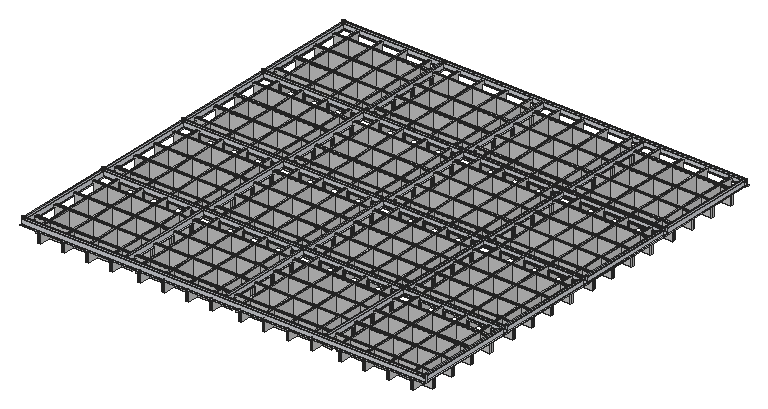
Revit family "GRD-WFL-001_RFA", category Modelos genéricos, Revit 2022 (continued)
Forms (in)
  Extrusion 180, solid
    sketch origin (48.02754, 154.90856, 0) x (1, 0, 0) y (0, 0, 1)
      loop
        line (0.35803, 1.68677) -> (0.39803, 1.68677)
        arc (0.39803, 1.68677) -> (0.41512, 1.67969) -> (0.42221, 1.66259) r 0.02418
      loop
        arc (0.33294, 1.7291) -> (0.34005, 1.71194) -> (0.35722, 1.70483) r 0.02428
        line (0.35722, 1.70483) -> (0.39815, 1.70483)
        arc (0.39815, 1.70483) -> (0.42797, 1.69248) -> (0.44023, 1.66266) r 0.04217
        arc (0.44023, 1.66266) -> (0.45258, 1.69248) -> (0.4824, 1.70483) r 0.04217
        line (0.4824, 1.70483) -> (0.52333, 1.70483)
        arc (0.52333, 1.70483) -> (0.54049, 1.71194) -> (0.54761, 1.7291) r 0.02428
        line (0.54761, 1.7291) -> (0.54761, 2.15016) -> (0.45704, 2.24072)
        arc (0.45704, 2.24072) -> (0.44027, 2.24767) -> (0.42351, 2.24072) r 0.02371
        line (0.42351, 2.24072) -> (0.33294, 2.15016) -> (0.33294, 1.7291)
    from 58.90819 to 81.97135
  Extrusion 181, solid
    sketch origin (72.02767, 154.90856, 0) x (1, 0, 0) y (0, 0, 1)
      loop
        line (0.42221, 1.66259) -> (0.42231, 0.67354)
        arc (0.42231, 0.67354) -> (0.41009, 0.64403) -> (0.38057, 0.6318) r 0.04174
        line (0.38057, 0.6318) -> (-0.00639, 0.6318) -> (-0.00639, 0.59057) -> (0.8874, 0.59057) -> (0.8874, 0.6318) -> (0.49998, 0.6318)
        arc (0.49998, 0.6318) -> (0.47046, 0.64403) -> (0.45824, 0.67354) r 0.04174
        line (0.45824, 0.67354) -> (0.45834, 1.66259)
        arc (0.45834, 1.66259) -> (0.46543, 1.67969) -> (0.48252, 1.68677) r 0.02418
        line (0.48252, 1.68677) -> (0.52252, 1.68677)
        arc (0.52252, 1.68677) -> (0.55303, 1.69941) -> (0.56566, 1.72991) r 0.04314
        line (0.56566, 1.72991) -> (0.56566, 2.14095)
        arc (0.56566, 2.14095) -> (0.5626, 2.15637) -> (0.55386, 2.16944) r 0.04029
        line (0.55386, 2.16944) -> (0.47053, 2.25277)
        arc (0.47053, 2.25277) -> (0.44027, 2.2653) -> (0.41002, 2.25277) r 0.04279
        line (0.41002, 2.25277) -> (0.32669, 2.16944)
        arc (0.32669, 2.16944) -> (0.31795, 2.15637) -> (0.31489, 2.14095) r 0.04029
        line (0.31489, 2.14095) -> (0.31489, 1.72991)
        arc (0.31489, 1.72991) -> (0.32752, 1.69941) -> (0.35803, 1.68677) r 0.04314
        line (0.35803, 1.68677) -> (0.39803, 1.68677)
        arc (0.39803, 1.68677) -> (0.41512, 1.67969) -> (0.42221, 1.66259) r 0.02418
      loop
        arc (0.33294, 1.7291) -> (0.34005, 1.71194) -> (0.35722, 1.70483) r 0.02428
        line (0.35722, 1.70483) -> (0.39815, 1.70483)
        arc (0.39815, 1.70483) -> (0.42797, 1.69248) -> (0.44023, 1.66266) r 0.04217
        arc (0.44023, 1.66266) -> (0.45258, 1.69248) -> (0.4824, 1.70483) r 0.04217
        line (0.4824, 1.70483) -> (0.52333, 1.70483)
        arc (0.52333, 1.70483) -> (0.54049, 1.71194) -> (0.54761, 1.7291) r 0.02428
        line (0.54761, 1.7291) -> (0.54761, 2.15016) -> (0.45704, 2.24072)
        arc (0.45704, 2.24072) -> (0.44027, 2.24767) -> (0.42351, 2.24072) r 0.02371
        line (0.42351, 2.24072) -> (0.33294, 2.15016) -> (0.33294, 1.7291)
    from 58.90819 to 81.97135
  Extrusion 182, solid
    sketch origin (96.02767, 154.90856, 0) x (1, 0, 0) y (0, 0, 1)
      loop
        line (0.42221, 1.66259) -> (0.42231, 0.67354)
        arc (0.42231, 0.67354) -> (0.41009, 0.64403) -> (0.38057, 0.6318) r 0.04174
        line (0.38057, 0.6318) -> (-0.00639, 0.6318) -> (-0.00639, 0.59057) -> (0.8874, 0.59057) -> (0.8874, 0.6318) -> (0.49998, 0.6318)
        arc (0.49998, 0.6318) -> (0.47046, 0.64403) -> (0.45824, 0.67354) r 0.04174
        line (0.45824, 0.67354) -> (0.45834, 1.66259)
        arc (0.45834, 1.66259) -> (0.46543, 1.67969) -> (0.48252, 1.68677) r 0.02418
        line (0.48252, 1.68677) -> (0.52252, 1.68677)
        arc (0.52252, 1.68677) -> (0.55303, 1.69941) -> (0.56566, 1.72991) r 0.04314
        line (0.56566, 1.72991) -> (0.56566, 2.14095)
        arc (0.56566, 2.14095) -> (0.5626, 2.15637) -> (0.55386, 2.16944) r 0.04029
        line (0.55386, 2.16944) -> (0.47053, 2.25277)
        arc (0.47053, 2.25277) -> (0.44027, 2.2653) -> (0.41002, 2.25277) r 0.04279
        line (0.41002, 2.25277) -> (0.32669, 2.16944)
        arc (0.32669, 2.16944) -> (0.31795, 2.15637) -> (0.31489, 2.14095) r 0.04029
        line (0.31489, 2.14095) -> (0.31489, 1.72991)
        arc (0.31489, 1.72991) -> (0.32752, 1.69941) -> (0.35803, 1.68677) r 0.04314
        line (0.35803, 1.68677) -> (0.39803, 1.68677)
        arc (0.39803, 1.68677) -> (0.41512, 1.67969) -> (0.42221, 1.66259) r 0.02418
      loop
        arc (0.33294, 1.7291) -> (0.34005, 1.71194) -> (0.35722, 1.70483) r 0.02428
        line (0.35722, 1.70483) -> (0.39815, 1.70483)
        arc (0.39815, 1.70483) -> (0.42797, 1.69248) -> (0.44023, 1.66266) r 0.04217
        arc (0.44023, 1.66266) -> (0.45258, 1.69248) -> (0.4824, 1.70483) r 0.04217
        line (0.4824, 1.70483) -> (0.52333, 1.70483)
        arc (0.52333, 1.70483) -> (0.54049, 1.71194) -> (0.54761, 1.7291) r 0.02428
        line (0.54761, 1.7291) -> (0.54761, 2.15016) -> (0.45704, 2.24072)
        arc (0.45704, 2.24072) -> (0.44027, 2.24767) -> (0.42351, 2.24072) r 0.02371
        line (0.42351, 2.24072) -> (0.33294, 2.15016) -> (0.33294, 1.7291)
    from 58.90819 to 81.97135
  Extrusion 183, solid
    sketch origin (24.02767, 154.90856, 0) x (1, 0, 0) y (0, 0, 1)
      loop
        line (0.42221, 1.66259) -> (0.42231, 0.67354)
        arc (0.42231, 0.67354) -> (0.41009, 0.64403) -> (0.38057, 0.6318) r 0.04174
        line (0.38057, 0.6318) -> (-0.00639, 0.6318) -> (-0.00639, 0.59057) -> (0.8874, 0.59057) -> (0.8874, 0.6318) -> (0.49998, 0.6318)
        arc (0.49998, 0.6318) -> (0.47046, 0.64403) -> (0.45824, 0.67354) r 0.04174
        line (0.45824, 0.67354) -> (0.45834, 1.66259)
        arc (0.45834, 1.66259) -> (0.46543, 1.67969) -> (0.48252, 1.68677) r 0.02418
        line (0.48252, 1.68677) -> (0.52252, 1.68677)
        arc (0.52252, 1.68677) -> (0.55303, 1.69941) -> (0.56566, 1.72991) r 0.04314
        line (0.56566, 1.72991) -> (0.56566, 2.14095)
        arc (0.56566, 2.14095) -> (0.5626, 2.15637) -> (0.55386, 2.16944) r 0.04029
        line (0.55386, 2.16944) -> (0.47053, 2.25277)
        arc (0.47053, 2.25277) -> (0.44027, 2.2653) -> (0.41002, 2.25277) r 0.04279
        line (0.41002, 2.25277) -> (0.32669, 2.16944)
        arc (0.32669, 2.16944) -> (0.31795, 2.15637) -> (0.31489, 2.14095) r 0.04029
        line (0.31489, 2.14095) -> (0.31489, 1.72991)
        arc (0.31489, 1.72991) -> (0.32752, 1.69941) -> (0.35803, 1.68677) r 0.04314
        line (0.35803, 1.68677) -> (0.39803, 1.68677)
        arc (0.39803, 1.68677) -> (0.41512, 1.67969) -> (0.42221, 1.66259) r 0.02418
      loop
        arc (0.33294, 1.7291) -> (0.34005, 1.71194) -> (0.35722, 1.70483) r 0.02428
        line (0.35722, 1.70483) -> (0.39815, 1.70483)
        arc (0.39815, 1.70483) -> (0.42797, 1.69248) -> (0.44023, 1.66266) r 0.04217
        arc (0.44023, 1.66266) -> (0.45258, 1.69248) -> (0.4824, 1.70483) r 0.04217
        line (0.4824, 1.70483) -> (0.52333, 1.70483)
        arc (0.52333, 1.70483) -> (0.54049, 1.71194) -> (0.54761, 1.7291) r 0.02428
        line (0.54761, 1.7291) -> (0.54761, 2.15016) -> (0.45704, 2.24072)
        arc (0.45704, 2.24072) -> (0.44027, 2.24767) -> (0.42351, 2.24072) r 0.02371
        line (0.42351, 2.24072) -> (0.33294, 2.15016) -> (0.33294, 1.7291)
    from 58.90819 to 81.97135
  Extrusion 184, solid
    sketch origin (0.02767, 154.90856, 0) x (1, 0, 0) y (0, 0, 1)
      loop
        line (0.42221, 1.66259) -> (0.42231, 0.67354)
        arc (0.42231, 0.67354) -> (0.41009, 0.64403) -> (0.38057, 0.6318) r 0.04174
        line (0.38057, 0.6318) -> (-0.00639, 0.6318) -> (-0.00639, 0.59057) -> (0.8874, 0.59057) -> (0.8874, 0.6318) -> (0.49998, 0.6318)
        arc (0.49998, 0.6318) -> (0.47046, 0.64403) -> (0.45824, 0.67354) r 0.04174
        line (0.45824, 0.67354) -> (0.45834, 1.66259)
        arc (0.45834, 1.66259) -> (0.46543, 1.67969) -> (0.48252, 1.68677) r 0.02418
        line (0.48252, 1.68677) -> (0.52252, 1.68677)
        arc (0.52252, 1.68677) -> (0.55303, 1.69941) -> (0.56566, 1.72991) r 0.04314
        line (0.56566, 1.72991) -> (0.56566, 2.14095)
        arc (0.56566, 2.14095) -> (0.5626, 2.15637) -> (0.55386, 2.16944) r 0.04029
        line (0.55386, 2.16944) -> (0.47053, 2.25277)
        arc (0.47053, 2.25277) -> (0.44027, 2.2653) -> (0.41002, 2.25277) r 0.04279
        line (0.41002, 2.25277) -> (0.32669, 2.16944)
        arc (0.32669, 2.16944) -> (0.31795, 2.15637) -> (0.31489, 2.14095) r 0.04029
        line (0.31489, 2.14095) -> (0.31489, 1.72991)
        arc (0.31489, 1.72991) -> (0.32752, 1.69941) -> (0.35803, 1.68677) r 0.04314
        line (0.35803, 1.68677) -> (0.39803, 1.68677)
        arc (0.39803, 1.68677) -> (0.41512, 1.67969) -> (0.42221, 1.66259) r 0.02418
      loop
        arc (0.33294, 1.7291) -> (0.34005, 1.71194) -> (0.35722, 1.70483) r 0.02428
        line (0.35722, 1.70483) -> (0.39815, 1.70483)
        arc (0.39815, 1.70483) -> (0.42797, 1.69248) -> (0.44023, 1.66266) r 0.04217
        arc (0.44023, 1.66266) -> (0.45258, 1.69248) -> (0.4824, 1.70483) r 0.04217
        line (0.4824, 1.70483) -> (0.52333, 1.70483)
        arc (0.52333, 1.70483) -> (0.54049, 1.71194) -> (0.54761, 1.7291) r 0.02428
        line (0.54761, 1.7291) -> (0.54761, 2.15016) -> (0.45704, 2.24072)
        arc (0.45704, 2.24072) -> (0.44027, 2.24767) -> (0.42351, 2.24072) r 0.02371
        line (0.42351, 2.24072) -> (0.33294, 2.15016) -> (0.33294, 1.7291)
    from 58.90819 to 81.97135
  Extrusion 185, solid
    sketch origin (48.02754, 130.90855, 0) x (1, 0, 0) y (0, 0, 1)
      loop
        line (0.42221, 1.66259) -> (0.42231, 0.67354)
        arc (0.42231, 0.67354) -> (0.41009, 0.64403) -> (0.38057, 0.6318) r 0.04174
        line (0.38057, 0.6318) -> (-0.00639, 0.6318) -> (-0.00639, 0.59057) -> (0.8874, 0.59057) -> (0.8874, 0.6318) -> (0.49998, 0.6318)
        arc (0.49998, 0.6318) -> (0.47046, 0.64403) -> (0.45824, 0.67354) r 0.04174
        line (0.45824, 0.67354) -> (0.45834, 1.66259)
        arc (0.45834, 1.66259) -> (0.46543, 1.67969) -> (0.48252, 1.68677) r 0.02418
        line (0.48252, 1.68677) -> (0.52252, 1.68677)
        arc (0.52252, 1.68677) -> (0.55303, 1.69941) -> (0.56566, 1.72991) r 0.04314
        line (0.56566, 1.72991) -> (0.56566, 2.14095)
        arc (0.56566, 2.14095) -> (0.5626, 2.15637) -> (0.55386, 2.16944) r 0.04029
        line (0.55386, 2.16944) -> (0.47053, 2.25277)
        arc (0.47053, 2.25277) -> (0.44027, 2.2653) -> (0.41002, 2.25277) r 0.04279
        line (0.41002, 2.25277) -> (0.32669, 2.16944)
        arc (0.32669, 2.16944) -> (0.31795, 2.15637) -> (0.31489, 2.14095) r 0.04029
        line (0.31489, 2.14095) -> (0.31489, 1.72991)
        arc (0.31489, 1.72991) -> (0.32752, 1.69941) -> (0.35803, 1.68677) r 0.04314
        line (0.35803, 1.68677) -> (0.39803, 1.68677)
        arc (0.39803, 1.68677) -> (0.41512, 1.67969) -> (0.42221, 1.66259) r 0.02418
      loop
        arc (0.33294, 1.7291) -> (0.34005, 1.71194) -> (0.35722, 1.70483) r 0.02428
        line (0.35722, 1.70483) -> (0.39815, 1.70483)
        arc (0.39815, 1.70483) -> (0.42797, 1.69248) -> (0.44023, 1.66266) r 0.04217
        arc (0.44023, 1.66266) -> (0.45258, 1.69248) -> (0.4824, 1.70483) r 0.04217
        line (0.4824, 1.70483) -> (0.52333, 1.70483)
        arc (0.52333, 1.70483) -> (0.54049, 1.71194) -> (0.54761, 1.7291) r 0.02428
        line (0.54761, 1.7291) -> (0.54761, 2.15016) -> (0.45704, 2.24072)
        arc (0.45704, 2.24072) -> (0.44027, 2.24767) -> (0.42351, 2.24072) r 0.02371
        line (0.42351, 2.24072) -> (0.33294, 2.15016) -> (0.33294, 1.7291)
    from 58.90819 to 81.97135
  Extrusion 186, solid
    sketch origin (72.02767, 130.90855, 0) x (1, 0, 0) y (0, 0, 1)
      loop
        line (0.42221, 1.66259) -> (0.42231, 0.67354)
        arc (0.42231, 0.67354) -> (0.41009, 0.64403) -> (0.38057, 0.6318) r 0.04174
        line (0.38057, 0.6318) -> (-0.00639, 0.6318) -> (-0.00639, 0.59057) -> (0.8874, 0.59057) -> (0.8874, 0.6318) -> (0.49998, 0.6318)
        arc (0.49998, 0.6318) -> (0.47046, 0.64403) -> (0.45824, 0.67354) r 0.04174
        line (0.45824, 0.67354) -> (0.45834, 1.66259)
        arc (0.45834, 1.66259) -> (0.46543, 1.67969) -> (0.48252, 1.68677) r 0.02418
        line (0.48252, 1.68677) -> (0.52252, 1.68677)
        arc (0.52252, 1.68677) -> (0.55303, 1.69941) -> (0.56566, 1.72991) r 0.04314
        line (0.56566, 1.72991) -> (0.56566, 2.14095)
        arc (0.56566, 2.14095) -> (0.5626, 2.15637) -> (0.55386, 2.16944) r 0.04029
        line (0.55386, 2.16944) -> (0.47053, 2.25277)
        arc (0.47053, 2.25277) -> (0.44027, 2.2653) -> (0.41002, 2.25277) r 0.04279
        line (0.41002, 2.25277) -> (0.32669, 2.16944)
        arc (0.32669, 2.16944) -> (0.31795, 2.15637) -> (0.31489, 2.14095) r 0.04029
        line (0.31489, 2.14095) -> (0.31489, 1.72991)
        arc (0.31489, 1.72991) -> (0.32752, 1.69941) -> (0.35803, 1.68677) r 0.04314
        line (0.35803, 1.68677) -> (0.39803, 1.68677)
        arc (0.39803, 1.68677) -> (0.41512, 1.67969) -> (0.42221, 1.66259) r 0.02418
      loop
        arc (0.33294, 1.7291) -> (0.34005, 1.71194) -> (0.35722, 1.70483) r 0.02428
        line (0.35722, 1.70483) -> (0.39815, 1.70483)
        arc (0.39815, 1.70483) -> (0.42797, 1.69248) -> (0.44023, 1.66266) r 0.04217
        arc (0.44023, 1.66266) -> (0.45258, 1.69248) -> (0.4824, 1.70483) r 0.04217
        line (0.4824, 1.70483) -> (0.52333, 1.70483)
        arc (0.52333, 1.70483) -> (0.54049, 1.71194) -> (0.54761, 1.7291) r 0.02428
        line (0.54761, 1.7291) -> (0.54761, 2.15016) -> (0.45704, 2.24072)
        arc (0.45704, 2.24072) -> (0.44027, 2.24767) -> (0.42351, 2.24072) r 0.02371
        line (0.42351, 2.24072) -> (0.33294, 2.15016) -> (0.33294, 1.7291)
    from 58.90819 to 81.97135
  Extrusion 187, solid
    sketch origin (96.02767, 130.90855, 0) x (1, 0, 0) y (0, 0, 1)
      loop
        line (0.42221, 1.66259) -> (0.42231, 0.67354)
        arc (0.42231, 0.67354) -> (0.41009, 0.64403) -> (0.38057, 0.6318) r 0.04174
        line (0.38057, 0.6318) -> (-0.00639, 0.6318) -> (-0.00639, 0.59057) -> (0.8874, 0.59057) -> (0.8874, 0.6318) -> (0.49998, 0.6318)
        arc (0.49998, 0.6318) -> (0.47046, 0.64403) -> (0.45824, 0.67354) r 0.04174
        line (0.45824, 0.67354) -> (0.45834, 1.66259)
        arc (0.45834, 1.66259) -> (0.46543, 1.67969) -> (0.48252, 1.68677) r 0.02418
        line (0.48252, 1.68677) -> (0.52252, 1.68677)
        arc (0.52252, 1.68677) -> (0.55303, 1.69941) -> (0.56566, 1.72991) r 0.04314
        line (0.56566, 1.72991) -> (0.56566, 2.14095)
        arc (0.56566, 2.14095) -> (0.5626, 2.15637) -> (0.55386, 2.16944) r 0.04029
        line (0.55386, 2.16944) -> (0.47053, 2.25277)
        arc (0.47053, 2.25277) -> (0.44027, 2.2653) -> (0.41002, 2.25277) r 0.04279
        line (0.41002, 2.25277) -> (0.32669, 2.16944)
        arc (0.32669, 2.16944) -> (0.31795, 2.15637) -> (0.31489, 2.14095) r 0.04029
        line (0.31489, 2.14095) -> (0.31489, 1.72991)
        arc (0.31489, 1.72991) -> (0.32752, 1.69941) -> (0.35803, 1.68677) r 0.04314
        line (0.35803, 1.68677) -> (0.39803, 1.68677)
        arc (0.39803, 1.68677) -> (0.41512, 1.67969) -> (0.42221, 1.66259) r 0.02418
      loop
        arc (0.33294, 1.7291) -> (0.34005, 1.71194) -> (0.35722, 1.70483) r 0.02428
        line (0.35722, 1.70483) -> (0.39815, 1.70483)
        arc (0.39815, 1.70483) -> (0.42797, 1.69248) -> (0.44023, 1.66266) r 0.04217
        arc (0.44023, 1.66266) -> (0.45258, 1.69248) -> (0.4824, 1.70483) r 0.04217
        line (0.4824, 1.70483) -> (0.52333, 1.70483)
        arc (0.52333, 1.70483) -> (0.54049, 1.71194) -> (0.54761, 1.7291) r 0.02428
        line (0.54761, 1.7291) -> (0.54761, 2.15016) -> (0.45704, 2.24072)
        arc (0.45704, 2.24072) -> (0.44027, 2.24767) -> (0.42351, 2.24072) r 0.02371
        line (0.42351, 2.24072) -> (0.33294, 2.15016) -> (0.33294, 1.7291)
    from 58.90819 to 81.97135
  Extrusion 188, solid
    sketch origin (24.02767, 130.90855, 0) x (1, 0, 0) y (0, 0, 1)
      loop
        line (0.42221, 1.66259) -> (0.42231, 0.67354)
        arc (0.42231, 0.67354) -> (0.41009, 0.64403) -> (0.38057, 0.6318) r 0.04174
        line (0.38057, 0.6318) -> (-0.00639, 0.6318) -> (-0.00639, 0.59057) -> (0.8874, 0.59057) -> (0.8874, 0.6318) -> (0.49998, 0.6318)
        arc (0.49998, 0.6318) -> (0.47046, 0.64403) -> (0.45824, 0.67354) r 0.04174
        line (0.45824, 0.67354) -> (0.45834, 1.66259)
        arc (0.45834, 1.66259) -> (0.46543, 1.67969) -> (0.48252, 1.68677) r 0.02418
        line (0.48252, 1.68677) -> (0.52252, 1.68677)
        arc (0.52252, 1.68677) -> (0.55303, 1.69941) -> (0.56566, 1.72991) r 0.04314
        line (0.56566, 1.72991) -> (0.56566, 2.14095)
        arc (0.56566, 2.14095) -> (0.5626, 2.15637) -> (0.55386, 2.16944) r 0.04029
        line (0.55386, 2.16944) -> (0.47053, 2.25277)
        arc (0.47053, 2.25277) -> (0.44027, 2.2653) -> (0.41002, 2.25277) r 0.04279
        line (0.41002, 2.25277) -> (0.32669, 2.16944)
        arc (0.32669, 2.16944) -> (0.31795, 2.15637) -> (0.31489, 2.14095) r 0.04029
        line (0.31489, 2.14095) -> (0.31489, 1.72991)
        arc (0.31489, 1.72991) -> (0.32752, 1.69941) -> (0.35803, 1.68677) r 0.04314
        line (0.35803, 1.68677) -> (0.39803, 1.68677)
        arc (0.39803, 1.68677) -> (0.41512, 1.67969) -> (0.42221, 1.66259) r 0.02418
      loop
        arc (0.33294, 1.7291) -> (0.34005, 1.71194) -> (0.35722, 1.70483) r 0.02428
        line (0.35722, 1.70483) -> (0.39815, 1.70483)
        arc (0.39815, 1.70483) -> (0.42797, 1.69248) -> (0.44023, 1.66266) r 0.04217
        arc (0.44023, 1.66266) -> (0.45258, 1.69248) -> (0.4824, 1.70483) r 0.04217
        line (0.4824, 1.70483) -> (0.52333, 1.70483)
        arc (0.52333, 1.70483) -> (0.54049, 1.71194) -> (0.54761, 1.7291) r 0.02428
        line (0.54761, 1.7291) -> (0.54761, 2.15016) -> (0.45704, 2.24072)
        arc (0.45704, 2.24072) -> (0.44027, 2.24767) -> (0.42351, 2.24072) r 0.02371
        line (0.42351, 2.24072) -> (0.33294, 2.15016) -> (0.33294, 1.7291)
    from 58.90819 to 81.97135
  Extrusion 189, solid
    sketch origin (0.02767, 130.90855, 0) x (1, 0, 0) y (0, 0, 1)
      loop
        line (0.42221, 1.66259) -> (0.42231, 0.67354)
        arc (0.42231, 0.67354) -> (0.41009, 0.64403) -> (0.38057, 0.6318) r 0.04174
        line (0.38057, 0.6318) -> (-0.00639, 0.6318) -> (-0.00639, 0.59057) -> (0.8874, 0.59057) -> (0.8874, 0.6318) -> (0.49998, 0.6318)
        arc (0.49998, 0.6318) -> (0.47046, 0.64403) -> (0.45824, 0.67354) r 0.04174
        line (0.45824, 0.67354) -> (0.45834, 1.66259)
        arc (0.45834, 1.66259) -> (0.46543, 1.67969) -> (0.48252, 1.68677) r 0.02418
        line (0.48252, 1.68677) -> (0.52252, 1.68677)
        arc (0.52252, 1.68677) -> (0.55303, 1.69941) -> (0.56566, 1.72991) r 0.04314
        line (0.56566, 1.72991) -> (0.56566, 2.14095)
        arc (0.56566, 2.14095) -> (0.5626, 2.15637) -> (0.55386, 2.16944) r 0.04029
        line (0.55386, 2.16944) -> (0.47053, 2.25277)
        arc (0.47053, 2.25277) -> (0.44027, 2.2653) -> (0.41002, 2.25277) r 0.04279
        line (0.41002, 2.25277) -> (0.32669, 2.16944)
        arc (0.32669, 2.16944) -> (0.31795, 2.15637) -> (0.31489, 2.14095) r 0.04029
        line (0.31489, 2.14095) -> (0.31489, 1.72991)
        arc (0.31489, 1.72991) -> (0.32752, 1.69941) -> (0.35803, 1.68677) r 0.04314
        line (0.35803, 1.68677) -> (0.39803, 1.68677)
        arc (0.39803, 1.68677) -> (0.41512, 1.67969) -> (0.42221, 1.66259) r 0.02418
      loop
        arc (0.33294, 1.7291) -> (0.34005, 1.71194) -> (0.35722, 1.70483) r 0.02428
        line (0.35722, 1.70483) -> (0.39815, 1.70483)
        arc (0.39815, 1.70483) -> (0.42797, 1.69248) -> (0.44023, 1.66266) r 0.04217
        arc (0.44023, 1.66266) -> (0.45258, 1.69248) -> (0.4824, 1.70483) r 0.04217
        line (0.4824, 1.70483) -> (0.52333, 1.70483)
        arc (0.52333, 1.70483) -> (0.54049, 1.71194) -> (0.54761, 1.7291) r 0.02428
        line (0.54761, 1.7291) -> (0.54761, 2.15016) -> (0.45704, 2.24072)
        arc (0.45704, 2.24072) -> (0.44027, 2.24767) -> (0.42351, 2.24072) r 0.02371
        line (0.42351, 2.24072) -> (0.33294, 2.15016) -> (0.33294, 1.7291)
    from 58.90819 to 81.97135
  Extrusion 190, solid
    sketch origin (48.02754, 106.90856, 0) x (1, 0, 0) y (0, 0, 1)
      loop
        line (0.42221, 1.66259) -> (0.42231, 0.67354)
        arc (0.42231, 0.67354) -> (0.41009, 0.64403) -> (0.38057, 0.6318) r 0.04174
        line (0.38057, 0.6318) -> (-0.00639, 0.6318) -> (-0.00639, 0.59057) -> (0.8874, 0.59057) -> (0.8874, 0.6318) -> (0.49998, 0.6318)
        arc (0.49998, 0.6318) -> (0.47046, 0.64403) -> (0.45824, 0.67354) r 0.04174
        line (0.45824, 0.67354) -> (0.45834, 1.66259)
        arc (0.45834, 1.66259) -> (0.46543, 1.67969) -> (0.48252, 1.68677) r 0.02418
        line (0.48252, 1.68677) -> (0.52252, 1.68677)
        arc (0.52252, 1.68677) -> (0.55303, 1.69941) -> (0.56566, 1.72991) r 0.04314
        line (0.56566, 1.72991) -> (0.56566, 2.14095)
        arc (0.56566, 2.14095) -> (0.5626, 2.15637) -> (0.55386, 2.16944) r 0.04029
        line (0.55386, 2.16944) -> (0.47053, 2.25277)
        arc (0.47053, 2.25277) -> (0.44027, 2.2653) -> (0.41002, 2.25277) r 0.04279
        line (0.41002, 2.25277) -> (0.32669, 2.16944)
        arc (0.32669, 2.16944) -> (0.31795, 2.15637) -> (0.31489, 2.14095) r 0.04029
        line (0.31489, 2.14095) -> (0.31489, 1.72991)
        arc (0.31489, 1.72991) -> (0.32752, 1.69941) -> (0.35803, 1.68677) r 0.04314
        line (0.35803, 1.68677) -> (0.39803, 1.68677)
        arc (0.39803, 1.68677) -> (0.41512, 1.67969) -> (0.42221, 1.66259) r 0.02418
      loop
        arc (0.33294, 1.7291) -> (0.34005, 1.71194) -> (0.35722, 1.70483) r 0.02428
        line (0.35722, 1.70483) -> (0.39815, 1.70483)
        arc (0.39815, 1.70483) -> (0.42797, 1.69248) -> (0.44023, 1.66266) r 0.04217
        arc (0.44023, 1.66266) -> (0.45258, 1.69248) -> (0.4824, 1.70483) r 0.04217
        line (0.4824, 1.70483) -> (0.52333, 1.70483)
        arc (0.52333, 1.70483) -> (0.54049, 1.71194) -> (0.54761, 1.7291) r 0.02428
        line (0.54761, 1.7291) -> (0.54761, 2.15016) -> (0.45704, 2.24072)
        arc (0.45704, 2.24072) -> (0.44027, 2.24767) -> (0.42351, 2.24072) r 0.02371
        line (0.42351, 2.24072) -> (0.33294, 2.15016) -> (0.33294, 1.7291)
    from 58.90819 to 81.97135
  Extrusion 191, solid
    sketch origin (72.02767, 106.90856, 0) x (1, 0, 0) y (0, 0, 1)
      loop
        line (0.42221, 1.66259) -> (0.42231, 0.67354)
        arc (0.42231, 0.67354) -> (0.41009, 0.64403) -> (0.38057, 0.6318) r 0.04174
        line (0.38057, 0.6318) -> (-0.00639, 0.6318) -> (-0.00639, 0.59057) -> (0.8874, 0.59057) -> (0.8874, 0.6318) -> (0.49998, 0.6318)
        arc (0.49998, 0.6318) -> (0.47046, 0.64403) -> (0.45824, 0.67354) r 0.04174
        line (0.45824, 0.67354) -> (0.45834, 1.66259)
        arc (0.45834, 1.66259) -> (0.46543, 1.67969) -> (0.48252, 1.68677) r 0.02418
        line (0.48252, 1.68677) -> (0.52252, 1.68677)
        arc (0.52252, 1.68677) -> (0.55303, 1.69941) -> (0.56566, 1.72991) r 0.04314
        line (0.56566, 1.72991) -> (0.56566, 2.14095)
        arc (0.56566, 2.14095) -> (0.5626, 2.15637) -> (0.55386, 2.16944) r 0.04029
        line (0.55386, 2.16944) -> (0.47053, 2.25277)
        arc (0.47053, 2.25277) -> (0.44027, 2.2653) -> (0.41002, 2.25277) r 0.04279
        line (0.41002, 2.25277) -> (0.32669, 2.16944)
        arc (0.32669, 2.16944) -> (0.31795, 2.15637) -> (0.31489, 2.14095) r 0.04029
        line (0.31489, 2.14095) -> (0.31489, 1.72991)
        arc (0.31489, 1.72991) -> (0.32752, 1.69941) -> (0.35803, 1.68677) r 0.04314
        line (0.35803, 1.68677) -> (0.39803, 1.68677)
        arc (0.39803, 1.68677) -> (0.41512, 1.67969) -> (0.42221, 1.66259) r 0.02418
      loop
        arc (0.33294, 1.7291) -> (0.34005, 1.71194) -> (0.35722, 1.70483) r 0.02428
        line (0.35722, 1.70483) -> (0.39815, 1.70483)
        arc (0.39815, 1.70483) -> (0.42797, 1.69248) -> (0.44023, 1.66266) r 0.04217
        arc (0.44023, 1.66266) -> (0.45258, 1.69248) -> (0.4824, 1.70483) r 0.04217
        line (0.4824, 1.70483) -> (0.52333, 1.70483)
        arc (0.52333, 1.70483) -> (0.54049, 1.71194) -> (0.54761, 1.7291) r 0.02428
        line (0.54761, 1.7291) -> (0.54761, 2.15016) -> (0.45704, 2.24072)
        arc (0.45704, 2.24072) -> (0.44027, 2.24767) -> (0.42351, 2.24072) r 0.02371
        line (0.42351, 2.24072) -> (0.33294, 2.15016) -> (0.33294, 1.7291)
    from 58.90819 to 81.97135
  Extrusion 192, solid
    sketch origin (96.02767, 106.90856, 0) x (1, 0, 0) y (0, 0, 1)
      loop
        line (0.42221, 1.66259) -> (0.42231, 0.67354)
        arc (0.42231, 0.67354) -> (0.41009, 0.64403) -> (0.38057, 0.6318) r 0.04174
        line (0.38057, 0.6318) -> (-0.00639, 0.6318) -> (-0.00639, 0.59057) -> (0.8874, 0.59057) -> (0.8874, 0.6318) -> (0.49998, 0.6318)
        arc (0.49998, 0.6318) -> (0.47046, 0.64403) -> (0.45824, 0.67354) r 0.04174
        line (0.45824, 0.67354) -> (0.45834, 1.66259)
        arc (0.45834, 1.66259) -> (0.46543, 1.67969) -> (0.48252, 1.68677) r 0.02418
        line (0.48252, 1.68677) -> (0.52252, 1.68677)
        arc (0.52252, 1.68677) -> (0.55303, 1.69941) -> (0.56566, 1.72991) r 0.04314
        line (0.56566, 1.72991) -> (0.56566, 2.14095)
        arc (0.56566, 2.14095) -> (0.5626, 2.15637) -> (0.55386, 2.16944) r 0.04029
        line (0.55386, 2.16944) -> (0.47053, 2.25277)
        arc (0.47053, 2.25277) -> (0.44027, 2.2653) -> (0.41002, 2.25277) r 0.04279
        line (0.41002, 2.25277) -> (0.32669, 2.16944)
        arc (0.32669, 2.16944) -> (0.31795, 2.15637) -> (0.31489, 2.14095) r 0.04029
        line (0.31489, 2.14095) -> (0.31489, 1.72991)
        arc (0.31489, 1.72991) -> (0.32752, 1.69941) -> (0.35803, 1.68677) r 0.04314
        line (0.35803, 1.68677) -> (0.39803, 1.68677)
        arc (0.39803, 1.68677) -> (0.41512, 1.67969) -> (0.42221, 1.66259) r 0.02418
      loop
        arc (0.33294, 1.7291) -> (0.34005, 1.71194) -> (0.35722, 1.70483) r 0.02428
        line (0.35722, 1.70483) -> (0.39815, 1.70483)
        arc (0.39815, 1.70483) -> (0.42797, 1.69248) -> (0.44023, 1.66266) r 0.04217
        arc (0.44023, 1.66266) -> (0.45258, 1.69248) -> (0.4824, 1.70483) r 0.04217
        line (0.4824, 1.70483) -> (0.52333, 1.70483)
        arc (0.52333, 1.70483) -> (0.54049, 1.71194) -> (0.54761, 1.7291) r 0.02428
        line (0.54761, 1.7291) -> (0.54761, 2.15016) -> (0.45704, 2.24072)
        arc (0.45704, 2.24072) -> (0.44027, 2.24767) -> (0.42351, 2.24072) r 0.02371
        line (0.42351, 2.24072) -> (0.33294, 2.15016) -> (0.33294, 1.7291)
    from 58.90819 to 81.97135
  Extrusion 193, solid
    sketch origin (24.02767, 106.90856, 0) x (1, 0, 0) y (0, 0, 1)
      loop
        line (0.42221, 1.66259) -> (0.42231, 0.67354)
        arc (0.42231, 0.67354) -> (0.41009, 0.64403) -> (0.38057, 0.6318) r 0.04174
        line (0.38057, 0.6318) -> (-0.00639, 0.6318) -> (-0.00639, 0.59057) -> (0.8874, 0.59057) -> (0.8874, 0.6318) -> (0.49998, 0.6318)
        arc (0.49998, 0.6318) -> (0.47046, 0.64403) -> (0.45824, 0.67354) r 0.04174
        line (0.45824, 0.67354) -> (0.45834, 1.66259)
        arc (0.45834, 1.66259) -> (0.46543, 1.67969) -> (0.48252, 1.68677) r 0.02418
        line (0.48252, 1.68677) -> (0.52252, 1.68677)
        arc (0.52252, 1.68677) -> (0.55303, 1.69941) -> (0.56566, 1.72991) r 0.04314
        line (0.56566, 1.72991) -> (0.56566, 2.14095)
        arc (0.56566, 2.14095) -> (0.5626, 2.15637) -> (0.55386, 2.16944) r 0.04029
        line (0.55386, 2.16944) -> (0.47053, 2.25277)
        arc (0.47053, 2.25277) -> (0.44027, 2.2653) -> (0.41002, 2.25277) r 0.04279
        line (0.41002, 2.25277) -> (0.32669, 2.16944)
        arc (0.32669, 2.16944) -> (0.31795, 2.15637) -> (0.31489, 2.14095) r 0.04029
        line (0.31489, 2.14095) -> (0.31489, 1.72991)
        arc (0.31489, 1.72991) -> (0.32752, 1.69941) -> (0.35803, 1.68677) r 0.04314
        line (0.35803, 1.68677) -> (0.39803, 1.68677)
        arc (0.39803, 1.68677) -> (0.41512, 1.67969) -> (0.42221, 1.66259) r 0.02418
      loop
        arc (0.33294, 1.7291) -> (0.34005, 1.71194) -> (0.35722, 1.70483) r 0.02428
        line (0.35722, 1.70483) -> (0.39815, 1.70483)
        arc (0.39815, 1.70483) -> (0.42797, 1.69248) -> (0.44023, 1.66266) r 0.04217
        arc (0.44023, 1.66266) -> (0.45258, 1.69248) -> (0.4824, 1.70483) r 0.04217
        line (0.4824, 1.70483) -> (0.52333, 1.70483)
        arc (0.52333, 1.70483) -> (0.54049, 1.71194) -> (0.54761, 1.7291) r 0.02428
        line (0.54761, 1.7291) -> (0.54761, 2.15016) -> (0.45704, 2.24072)
        arc (0.45704, 2.24072) -> (0.44027, 2.24767) -> (0.42351, 2.24072) r 0.02371
        line (0.42351, 2.24072) -> (0.33294, 2.15016) -> (0.33294, 1.7291)
    from 58.90819 to 81.97135
  Extrusion 194, solid
    sketch origin (0.02767, 106.90856, 0) x (1, 0, 0) y (0, 0, 1)
      loop
        line (0.42221, 1.66259) -> (0.42231, 0.67354)
        arc (0.42231, 0.67354) -> (0.41009, 0.64403) -> (0.38057, 0.6318) r 0.04174
        line (0.38057, 0.6318) -> (-0.00639, 0.6318) -> (-0.00639, 0.59057) -> (0.8874, 0.59057) -> (0.8874, 0.6318) -> (0.49998, 0.6318)
        arc (0.49998, 0.6318) -> (0.47046, 0.64403) -> (0.45824, 0.67354) r 0.04174
        line (0.45824, 0.67354) -> (0.45834, 1.66259)
        arc (0.45834, 1.66259) -> (0.46543, 1.67969) -> (0.48252, 1.68677) r 0.02418
        line (0.48252, 1.68677) -> (0.52252, 1.68677)
        arc (0.52252, 1.68677) -> (0.55303, 1.69941) -> (0.56566, 1.72991) r 0.04314
        line (0.56566, 1.72991) -> (0.56566, 2.14095)
        arc (0.56566, 2.14095) -> (0.5626, 2.15637) -> (0.55386, 2.16944) r 0.04029
        line (0.55386, 2.16944) -> (0.47053, 2.25277)
        arc (0.47053, 2.25277) -> (0.44027, 2.2653) -> (0.41002, 2.25277) r 0.04279
        line (0.41002, 2.25277) -> (0.32669, 2.16944)
        arc (0.32669, 2.16944) -> (0.31795, 2.15637) -> (0.31489, 2.14095) r 0.04029
        line (0.31489, 2.14095) -> (0.31489, 1.72991)
        arc (0.31489, 1.72991) -> (0.32752, 1.69941) -> (0.35803, 1.68677) r 0.04314
        line (0.35803, 1.68677) -> (0.39803, 1.68677)
        arc (0.39803, 1.68677) -> (0.41512, 1.67969) -> (0.42221, 1.66259) r 0.02418
      loop
        arc (0.33294, 1.7291) -> (0.34005, 1.71194) -> (0.35722, 1.70483) r 0.02428
        line (0.35722, 1.70483) -> (0.39815, 1.70483)
        arc (0.39815, 1.70483) -> (0.42797, 1.69248) -> (0.44023, 1.66266) r 0.04217
        arc (0.44023, 1.66266) -> (0.45258, 1.69248) -> (0.4824, 1.70483) r 0.04217
        line (0.4824, 1.70483) -> (0.52333, 1.70483)
        arc (0.52333, 1.70483) -> (0.54049, 1.71194) -> (0.54761, 1.7291) r 0.02428
        line (0.54761, 1.7291) -> (0.54761, 2.15016) -> (0.45704, 2.24072)
        arc (0.45704, 2.24072) -> (0.44027, 2.24767) -> (0.42351, 2.24072) r 0.02371
        line (0.42351, 2.24072) -> (0.33294, 2.15016) -> (0.33294, 1.7291)
    from 58.90819 to 81.97135
  Extrusion 195, solid
    sketch origin (48.02754, 82.90856, 0) x (1, 0, 0) y (0, 0, 1)
      loop
        line (0.42221, 1.66259) -> (0.42231, 0.67354)
        arc (0.42231, 0.67354) -> (0.41009, 0.64403) -> (0.38057, 0.6318) r 0.04174
        line (0.38057, 0.6318) -> (-0.00639, 0.6318) -> (-0.00639, 0.59057) -> (0.8874, 0.59057) -> (0.8874, 0.6318) -> (0.49998, 0.6318)
        arc (0.49998, 0.6318) -> (0.47046, 0.64403) -> (0.45824, 0.67354) r 0.04174
        line (0.45824, 0.67354) -> (0.45834, 1.66259)
        arc (0.45834, 1.66259) -> (0.46543, 1.67969) -> (0.48252, 1.68677) r 0.02418
        line (0.48252, 1.68677) -> (0.52252, 1.68677)
        arc (0.52252, 1.68677) -> (0.55303, 1.69941) -> (0.56566, 1.72991) r 0.04314
        line (0.56566, 1.72991) -> (0.56566, 2.14095)
        arc (0.56566, 2.14095) -> (0.5626, 2.15637) -> (0.55386, 2.16944) r 0.04029
        line (0.55386, 2.16944) -> (0.47053, 2.25277)
        arc (0.47053, 2.25277) -> (0.44027, 2.2653) -> (0.41002, 2.25277) r 0.04279
        line (0.41002, 2.25277) -> (0.32669, 2.16944)
        arc (0.32669, 2.16944) -> (0.31795, 2.15637) -> (0.31489, 2.14095) r 0.04029
        line (0.31489, 2.14095) -> (0.31489, 1.72991)
        arc (0.31489, 1.72991) -> (0.32752, 1.69941) -> (0.35803, 1.68677) r 0.04314
        line (0.35803, 1.68677) -> (0.39803, 1.68677)
        arc (0.39803, 1.68677) -> (0.41512, 1.67969) -> (0.42221, 1.66259) r 0.02418
      loop
        arc (0.33294, 1.7291) -> (0.34005, 1.71194) -> (0.35722, 1.70483) r 0.02428
        line (0.35722, 1.70483) -> (0.39815, 1.70483)
        arc (0.39815, 1.70483) -> (0.42797, 1.69248) -> (0.44023, 1.66266) r 0.04217
        arc (0.44023, 1.66266) -> (0.45258, 1.69248) -> (0.4824, 1.70483) r 0.04217
        line (0.4824, 1.70483) -> (0.52333, 1.70483)
        arc (0.52333, 1.70483) -> (0.54049, 1.71194) -> (0.54761, 1.7291) r 0.02428
        line (0.54761, 1.7291) -> (0.54761, 2.15016) -> (0.45704, 2.24072)
        arc (0.45704, 2.24072) -> (0.44027, 2.24767) -> (0.42351, 2.24072) r 0.02371
        line (0.42351, 2.24072) -> (0.33294, 2.15016) -> (0.33294, 1.7291)
    from 58.90819 to 81.97135
  Extrusion 196, solid
    sketch origin (72.02767, 82.90856, 0) x (1, 0, 0) y (0, 0, 1)
      loop
        line (0.42221, 1.66259) -> (0.42231, 0.67354)
        arc (0.42231, 0.67354) -> (0.41009, 0.64403) -> (0.38057, 0.6318) r 0.04174
        line (0.38057, 0.6318) -> (-0.00639, 0.6318) -> (-0.00639, 0.59057) -> (0.8874, 0.59057) -> (0.8874, 0.6318) -> (0.49998, 0.6318)
        arc (0.49998, 0.6318) -> (0.47046, 0.64403) -> (0.45824, 0.67354) r 0.04174
        line (0.45824, 0.67354) -> (0.45834, 1.66259)
        arc (0.45834, 1.66259) -> (0.46543, 1.67969) -> (0.48252, 1.68677) r 0.02418
        line (0.48252, 1.68677) -> (0.52252, 1.68677)
        arc (0.52252, 1.68677) -> (0.55303, 1.69941) -> (0.56566, 1.72991) r 0.04314
        line (0.56566, 1.72991) -> (0.56566, 2.14095)
        arc (0.56566, 2.14095) -> (0.5626, 2.15637) -> (0.55386, 2.16944) r 0.04029
        line (0.55386, 2.16944) -> (0.47053, 2.25277)
        arc (0.47053, 2.25277) -> (0.44027, 2.2653) -> (0.41002, 2.25277) r 0.04279
        line (0.41002, 2.25277) -> (0.32669, 2.16944)
        arc (0.32669, 2.16944) -> (0.31795, 2.15637) -> (0.31489, 2.14095) r 0.04029
        line (0.31489, 2.14095) -> (0.31489, 1.72991)
        arc (0.31489, 1.72991) -> (0.32752, 1.69941) -> (0.35803, 1.68677) r 0.04314
        line (0.35803, 1.68677) -> (0.39803, 1.68677)
        arc (0.39803, 1.68677) -> (0.41512, 1.67969) -> (0.42221, 1.66259) r 0.02418
      loop
        arc (0.33294, 1.7291) -> (0.34005, 1.71194) -> (0.35722, 1.70483) r 0.02428
        line (0.35722, 1.70483) -> (0.39815, 1.70483)
        arc (0.39815, 1.70483) -> (0.42797, 1.69248) -> (0.44023, 1.66266) r 0.04217
        arc (0.44023, 1.66266) -> (0.45258, 1.69248) -> (0.4824, 1.70483) r 0.04217
        line (0.4824, 1.70483) -> (0.52333, 1.70483)
        arc (0.52333, 1.70483) -> (0.54049, 1.71194) -> (0.54761, 1.7291) r 0.02428
        line (0.54761, 1.7291) -> (0.54761, 2.15016) -> (0.45704, 2.24072)
        arc (0.45704, 2.24072) -> (0.44027, 2.24767) -> (0.42351, 2.24072) r 0.02371
        line (0.42351, 2.24072) -> (0.33294, 2.15016) -> (0.33294, 1.7291)
    from 58.90819 to 81.97135
  Extrusion 197, solid
    sketch origin (96.02767, 82.90856, 0) x (1, 0, 0) y (0, 0, 1)
      loop
        line (0.42221, 1.66259) -> (0.42231, 0.67354)
        arc (0.42231, 0.67354) -> (0.41009, 0.64403) -> (0.38057, 0.6318) r 0.04174
        line (0.38057, 0.6318) -> (-0.00639, 0.6318) -> (-0.00639, 0.59057) -> (0.8874, 0.59057) -> (0.8874, 0.6318) -> (0.49998, 0.6318)
        arc (0.49998, 0.6318) -> (0.47046, 0.64403) -> (0.45824, 0.67354) r 0.04174
        line (0.45824, 0.67354) -> (0.45834, 1.66259)
        arc (0.45834, 1.66259) -> (0.46543, 1.67969) -> (0.48252, 1.68677) r 0.02418
        line (0.48252, 1.68677) -> (0.52252, 1.68677)
        arc (0.52252, 1.68677) -> (0.55303, 1.69941) -> (0.56566, 1.72991) r 0.04314
        line (0.56566, 1.72991) -> (0.56566, 2.14095)
        arc (0.56566, 2.14095) -> (0.5626, 2.15637) -> (0.55386, 2.16944) r 0.04029
        line (0.55386, 2.16944) -> (0.47053, 2.25277)
        arc (0.47053, 2.25277) -> (0.44027, 2.2653) -> (0.41002, 2.25277) r 0.04279
        line (0.41002, 2.25277) -> (0.32669, 2.16944)
        arc (0.32669, 2.16944) -> (0.31795, 2.15637) -> (0.31489, 2.14095) r 0.04029
        line (0.31489, 2.14095) -> (0.31489, 1.72991)
        arc (0.31489, 1.72991) -> (0.32752, 1.69941) -> (0.35803, 1.68677) r 0.04314
        line (0.35803, 1.68677) -> (0.39803, 1.68677)
        arc (0.39803, 1.68677) -> (0.41512, 1.67969) -> (0.42221, 1.66259) r 0.02418
      loop
        arc (0.33294, 1.7291) -> (0.34005, 1.71194) -> (0.35722, 1.70483) r 0.02428
        line (0.35722, 1.70483) -> (0.39815, 1.70483)
        arc (0.39815, 1.70483) -> (0.42797, 1.69248) -> (0.44023, 1.66266) r 0.04217
        arc (0.44023, 1.66266) -> (0.45258, 1.69248) -> (0.4824, 1.70483) r 0.04217
        line (0.4824, 1.70483) -> (0.52333, 1.70483)
        arc (0.52333, 1.70483) -> (0.54049, 1.71194) -> (0.54761, 1.7291) r 0.02428
        line (0.54761, 1.7291) -> (0.54761, 2.15016) -> (0.45704, 2.24072)
        arc (0.45704, 2.24072) -> (0.44027, 2.24767) -> (0.42351, 2.24072) r 0.02371
        line (0.42351, 2.24072) -> (0.33294, 2.15016) -> (0.33294, 1.7291)
    from 58.90819 to 81.97135
  Extrusion 198, solid
    sketch origin (24.02767, 82.90856, 0) x (1, 0, 0) y (0, 0, 1)
      loop
        line (0.42221, 1.66259) -> (0.42231, 0.67354)
        arc (0.42231, 0.67354) -> (0.41009, 0.64403) -> (0.38057, 0.6318) r 0.04174
        line (0.38057, 0.6318) -> (-0.00639, 0.6318) -> (-0.00639, 0.59057) -> (0.8874, 0.59057) -> (0.8874, 0.6318) -> (0.49998, 0.6318)
        arc (0.49998, 0.6318) -> (0.47046, 0.64403) -> (0.45824, 0.67354) r 0.04174
        line (0.45824, 0.67354) -> (0.45834, 1.66259)
        arc (0.45834, 1.66259) -> (0.46543, 1.67969) -> (0.48252, 1.68677) r 0.02418
        line (0.48252, 1.68677) -> (0.52252, 1.68677)
        arc (0.52252, 1.68677) -> (0.55303, 1.69941) -> (0.56566, 1.72991) r 0.04314
        line (0.56566, 1.72991) -> (0.56566, 2.14095)
        arc (0.56566, 2.14095) -> (0.5626, 2.15637) -> (0.55386, 2.16944) r 0.04029
        line (0.55386, 2.16944) -> (0.47053, 2.25277)
        arc (0.47053, 2.25277) -> (0.44027, 2.2653) -> (0.41002, 2.25277) r 0.04279
        line (0.41002, 2.25277) -> (0.32669, 2.16944)
        arc (0.32669, 2.16944) -> (0.31795, 2.15637) -> (0.31489, 2.14095) r 0.04029
        line (0.31489, 2.14095) -> (0.31489, 1.72991)
        arc (0.31489, 1.72991) -> (0.32752, 1.69941) -> (0.35803, 1.68677) r 0.04314
        line (0.35803, 1.68677) -> (0.39803, 1.68677)
        arc (0.39803, 1.68677) -> (0.41512, 1.67969) -> (0.42221, 1.66259) r 0.02418
      loop
        arc (0.33294, 1.7291) -> (0.34005, 1.71194) -> (0.35722, 1.70483) r 0.02428
        line (0.35722, 1.70483) -> (0.39815, 1.70483)
        arc (0.39815, 1.70483) -> (0.42797, 1.69248) -> (0.44023, 1.66266) r 0.04217
        arc (0.44023, 1.66266) -> (0.45258, 1.69248) -> (0.4824, 1.70483) r 0.04217
        line (0.4824, 1.70483) -> (0.52333, 1.70483)
        arc (0.52333, 1.70483) -> (0.54049, 1.71194) -> (0.54761, 1.7291) r 0.02428
        line (0.54761, 1.7291) -> (0.54761, 2.15016) -> (0.45704, 2.24072)
        arc (0.45704, 2.24072) -> (0.44027, 2.24767) -> (0.42351, 2.24072) r 0.02371
        line (0.42351, 2.24072) -> (0.33294, 2.15016) -> (0.33294, 1.7291)
    from 58.90819 to 81.97135
  Extrusion 199, solid
    sketch origin (0.02767, 82.90856, 0) x (1, 0, 0) y (0, 0, 1)
      loop
        line (0.42221, 1.66259) -> (0.42231, 0.67354)
        arc (0.42231, 0.67354) -> (0.41009, 0.64403) -> (0.38057, 0.6318) r 0.04174
        line (0.38057, 0.6318) -> (-0.00639, 0.6318) -> (-0.00639, 0.59057) -> (0.8874, 0.59057) -> (0.8874, 0.6318) -> (0.49998, 0.6318)
        arc (0.49998, 0.6318) -> (0.47046, 0.64403) -> (0.45824, 0.67354) r 0.04174
        line (0.45824, 0.67354) -> (0.45834, 1.66259)
        arc (0.45834, 1.66259) -> (0.46543, 1.67969) -> (0.48252, 1.68677) r 0.02418
        line (0.48252, 1.68677) -> (0.52252, 1.68677)
        arc (0.52252, 1.68677) -> (0.55303, 1.69941) -> (0.56566, 1.72991) r 0.04314
        line (0.56566, 1.72991) -> (0.56566, 2.14095)
        arc (0.56566, 2.14095) -> (0.5626, 2.15637) -> (0.55386, 2.16944) r 0.04029
        line (0.55386, 2.16944) -> (0.47053, 2.25277)
        arc (0.47053, 2.25277) -> (0.44027, 2.2653) -> (0.41002, 2.25277) r 0.04279
        line (0.41002, 2.25277) -> (0.32669, 2.16944)
        arc (0.32669, 2.16944) -> (0.31795, 2.15637) -> (0.31489, 2.14095) r 0.04029
        line (0.31489, 2.14095) -> (0.31489, 1.72991)
        arc (0.31489, 1.72991) -> (0.32752, 1.69941) -> (0.35803, 1.68677) r 0.04314
        line (0.35803, 1.68677) -> (0.39803, 1.68677)
        arc (0.39803, 1.68677) -> (0.41512, 1.67969) -> (0.42221, 1.66259) r 0.02418
      loop
        arc (0.33294, 1.7291) -> (0.34005, 1.71194) -> (0.35722, 1.70483) r 0.02428
        line (0.35722, 1.70483) -> (0.39815, 1.70483)
        arc (0.39815, 1.70483) -> (0.42797, 1.69248) -> (0.44023, 1.66266) r 0.04217
        arc (0.44023, 1.66266) -> (0.45258, 1.69248) -> (0.4824, 1.70483) r 0.04217
        line (0.4824, 1.70483) -> (0.52333, 1.70483)
        arc (0.52333, 1.70483) -> (0.54049, 1.71194) -> (0.54761, 1.7291) r 0.02428
        line (0.54761, 1.7291) -> (0.54761, 2.15016) -> (0.45704, 2.24072)
        arc (0.45704, 2.24072) -> (0.44027, 2.24767) -> (0.42351, 2.24072) r 0.02371
        line (0.42351, 2.24072) -> (0.33294, 2.15016) -> (0.33294, 1.7291)
    from 58.90819 to 81.97135
  Extrusion 200, solid, not visible
    sketch origin (0, 0, 0) x (1, 0, 0) y (0, 1, 0)
      loop
        line (24.34376, 0.56617) -> (24.34376, 24.31617) -> (0.59376, 24.31617) -> (0.59376, 0.56617) -> (24.34376, 0.56617)
    from 0.11811 to 0.59055
  Extrusion 201, solid, not visible
    sketch origin (0, 0, 0) x (1, 0, 0) y (0, 1, 0)
      loop
        line (24.34376, 0.56617) -> (24.34376, 24.31617) -> (0.59376, 24.31617) -> (0.59376, 0.56617) -> (24.34376, 0.56617)
    from 0 to 0.11811
  Extrusion 202, solid, not visible
    sketch origin (24, 0, 0) x (1, 0, 0) y (0, 1, 0)
      loop
        line (24.34376, 0.56617) -> (24.34376, 24.31617) -> (0.59376, 24.31617) -> (0.59376, 0.56617) -> (24.34376, 0.56617)
    from 0.11811 to 0.59055
  Extrusion 203, solid, not visible
    sketch origin (24, 0, 0) x (1, 0, 0) y (0, 1, 0)
      loop
        line (24.34376, 0.56617) -> (24.34376, 24.31617) -> (0.59376, 24.31617) -> (0.59376, 0.56617) -> (24.34376, 0.56617)
    from 0 to 0.11811
  Extrusion 204, solid, not visible
    sketch origin (48, 0, 0) x (1, 0, 0) y (0, 1, 0)
      loop
        line (24.34376, 0.56617) -> (24.34376, 24.31617) -> (0.59376, 24.31617) -> (0.59376, 0.56617) -> (24.34376, 0.56617)
    from 0.11811 to 0.59055
  Extrusion 205, solid, not visible
    sketch origin (48, 0, 0) x (1, 0, 0) y (0, 1, 0)
      loop
        line (24.34376, 0.56617) -> (24.34376, 24.31617) -> (0.59376, 24.31617) -> (0.59376, 0.56617) -> (24.34376, 0.56617)
    from 0 to 0.11811
  Extrusion 206, solid, not visible
    sketch origin (72, 0, 0) x (1, 0, 0) y (0, 1, 0)
      loop
        line (24.34376, 0.56617) -> (24.34376, 24.31617) -> (0.59376, 24.31617) -> (0.59376, 0.56617) -> (24.34376, 0.56617)
    from 0.11811 to 0.59055
  Extrusion 207, solid, not visible
    sketch origin (72, 0, 0) x (1, 0, 0) y (0, 1, 0)
      loop
        line (24.34376, 0.56617) -> (24.34376, 24.31617) -> (0.59376, 24.31617) -> (0.59376, 0.56617) -> (24.34376, 0.56617)
    from 0 to 0.11811
  Extrusion 208, solid, not visible
    sketch origin (0, 24, 0) x (1, 0, 0) y (0, 1, 0)
      loop
        line (24.34376, 0.56617) -> (24.34376, 24.31617) -> (0.59376, 24.31617) -> (0.59376, 0.56617) -> (24.34376, 0.56617)
    from 0.11811 to 0.59055
  Extrusion 209, solid, not visible
    sketch origin (0, 24, 0) x (1, 0, 0) y (0, 1, 0)
      loop
        line (24.34376, 0.56617) -> (24.34376, 24.31617) -> (0.59376, 24.31617) -> (0.59376, 0.56617) -> (24.34376, 0.56617)
    from 0 to 0.11811
  Extrusion 210, solid, not visible
    sketch origin (24, 24, 0) x (1, 0, 0) y (0, 1, 0)
      loop
        line (24.34376, 0.56617) -> (24.34376, 24.31617) -> (0.59376, 24.31617) -> (0.59376, 0.56617) -> (24.34376, 0.56617)
    from 0.11811 to 0.59055
  Extrusion 211, solid, not visible
    sketch origin (24, 24, 0) x (1, 0, 0) y (0, 1, 0)
      loop
        line (24.34376, 0.56617) -> (24.34376, 24.31617) -> (0.59376, 24.31617) -> (0.59376, 0.56617) -> (24.34376, 0.56617)
    from 0 to 0.11811
  Extrusion 212, solid, not visible
    sketch origin (48, 24, 0) x (1, 0, 0) y (0, 1, 0)
      loop
        line (24.34376, 0.56617) -> (24.34376, 24.31617) -> (0.59376, 24.31617) -> (0.59376, 0.56617) -> (24.34376, 0.56617)
    from 0.11811 to 0.59055
  Extrusion 213, solid, not visible
    sketch origin (48, 24, 0) x (1, 0, 0) y (0, 1, 0)
      loop
        line (24.34376, 0.56617) -> (24.34376, 24.31617) -> (0.59376, 24.31617) -> (0.59376, 0.56617) -> (24.34376, 0.56617)
    from 0 to 0.11811
  Extrusion 214, solid, not visible
    sketch origin (72, 24, 0) x (1, 0, 0) y (0, 1, 0)
      loop
        line (24.34376, 0.56617) -> (24.34376, 24.31617) -> (0.59376, 24.31617) -> (0.59376, 0.56617) -> (24.34376, 0.56617)
    from 0.11811 to 0.59055
  Extrusion 215, solid, not visible
    sketch origin (72, 24, 0) x (1, 0, 0) y (0, 1, 0)
      loop
        line (24.34376, 0.56617) -> (24.34376, 24.31617) -> (0.59376, 24.31617) -> (0.59376, 0.56617) -> (24.34376, 0.56617)
    from 0 to 0.11811
  Extrusion 216, solid, not visible
    sketch origin (0, 48, 0) x (1, 0, 0) y (0, 1, 0)
      loop
        line (24.34376, 0.56617) -> (24.34376, 24.31617) -> (0.59376, 24.31617) -> (0.59376, 0.56617) -> (24.34376, 0.56617)
    from 0.11811 to 0.59055
  Extrusion 217, solid, not visible
    sketch origin (0, 48, 0) x (1, 0, 0) y (0, 1, 0)
      loop
        line (24.34376, 0.56617) -> (24.34376, 24.31617) -> (0.59376, 24.31617) -> (0.59376, 0.56617) -> (24.34376, 0.56617)
    from 0 to 0.11811
  Extrusion 218, solid, not visible
    sketch origin (24, 48, 0) x (1, 0, 0) y (0, 1, 0)
      loop
        line (24.34376, 0.56617) -> (24.34376, 24.31617) -> (0.59376, 24.31617) -> (0.59376, 0.56617) -> (24.34376, 0.56617)
    from 0.11811 to 0.59055
  Extrusion 219, solid, not visible
    sketch origin (24, 48, 0) x (1, 0, 0) y (0, 1, 0)
      loop
        line (24.34376, 0.56617) -> (24.34376, 24.31617) -> (0.59376, 24.31617) -> (0.59376, 0.56617) -> (24.34376, 0.56617)
    from 0 to 0.11811
  Extrusion 220, solid, not visible
    sketch origin (48, 48, 0) x (1, 0, 0) y (0, 1, 0)
      loop
        line (24.34376, 0.56617) -> (24.34376, 24.31617) -> (0.59376, 24.31617) -> (0.59376, 0.56617) -> (24.34376, 0.56617)
    from 0.11811 to 0.59055
  Extrusion 221, solid, not visible
    sketch origin (48, 48, 0) x (1, 0, 0) y (0, 1, 0)
      loop
        line (24.34376, 0.56617) -> (24.34376, 24.31617) -> (0.59376, 24.31617) -> (0.59376, 0.56617) -> (24.34376, 0.56617)
    from 0 to 0.11811
  Extrusion 222, solid, not visible
    sketch origin (72, 48, 0) x (1, 0, 0) y (0, 1, 0)
      loop
        line (24.34376, 0.56617) -> (24.34376, 24.31617) -> (0.59376, 24.31617) -> (0.59376, 0.56617) -> (24.34376, 0.56617)
    from 0.11811 to 0.59055
  Extrusion 223, solid, not visible
    sketch origin (72, 48, 0) x (1, 0, 0) y (0, 1, 0)
      loop
        line (24.34376, 0.56617) -> (24.34376, 24.31617) -> (0.59376, 24.31617) -> (0.59376, 0.56617) -> (24.34376, 0.56617)
    from 0 to 0.11811
  Extrusion 224, solid, not visible
    sketch origin (0, 72, 0) x (1, 0, 0) y (0, 1, 0)
      loop
        line (24.34376, 0.56617) -> (24.34376, 24.31617) -> (0.59376, 24.31617) -> (0.59376, 0.56617) -> (24.34376, 0.56617)
    from 0.11811 to 0.59055
  Extrusion 225, solid, not visible
    sketch origin (0, 72, 0) x (1, 0, 0) y (0, 1, 0)
      loop
        line (24.34376, 0.56617) -> (24.34376, 24.31617) -> (0.59376, 24.31617) -> (0.59376, 0.56617) -> (24.34376, 0.56617)
    from 0 to 0.11811
  Extrusion 226, solid, not visible
    sketch origin (24, 72, 0) x (1, 0, 0) y (0, 1, 0)
      loop
        line (24.34376, 0.56617) -> (24.34376, 24.31617) -> (0.59376, 24.31617) -> (0.59376, 0.56617) -> (24.34376, 0.56617)
    from 0.11811 to 0.59055
  Extrusion 227, solid, not visible
    sketch origin (24, 72, 0) x (1, 0, 0) y (0, 1, 0)
      loop
        line (24.34376, 0.56617) -> (24.34376, 24.31617) -> (0.59376, 24.31617) -> (0.59376, 0.56617) -> (24.34376, 0.56617)
    from 0 to 0.11811
  Extrusion 228, solid, not visible
    sketch origin (48, 72, 0) x (1, 0, 0) y (0, 1, 0)
      loop
        line (24.34376, 0.56617) -> (24.34376, 24.31617) -> (0.59376, 24.31617) -> (0.59376, 0.56617) -> (24.34376, 0.56617)
    from 0.11811 to 0.59055
  Extrusion 229, solid, not visible
    sketch origin (48, 72, 0) x (1, 0, 0) y (0, 1, 0)
      loop
        line (24.34376, 0.56617) -> (24.34376, 24.31617) -> (0.59376, 24.31617) -> (0.59376, 0.56617) -> (24.34376, 0.56617)
    from 0 to 0.11811
  Extrusion 230, solid, not visible
    sketch origin (72, 72, 0) x (1, 0, 0) y (0, 1, 0)
      loop
        line (24.34376, 0.56617) -> (24.34376, 24.31617) -> (0.59376, 24.31617) -> (0.59376, 0.56617) -> (24.34376, 0.56617)
    from 0.11811 to 0.59055
  Extrusion 231, solid, not visible
    sketch origin (72, 72, 0) x (1, 0, 0) y (0, 1, 0)
      loop
        line (24.34376, 0.56617) -> (24.34376, 24.31617) -> (0.59376, 24.31617) -> (0.59376, 0.56617) -> (24.34376, 0.56617)
    from 0 to 0.11811
  Extrusion 232, solid, not visible
    sketch origin (0, 0, 0) x (0, 1, 0) y (0, 0, 1)
      loop
        line (0.42221, 1.66259) -> (0.42231, 0.67354)
        arc (0.42231, 0.67354) -> (0.41009, 0.64403) -> (0.38057, 0.6318) r 0.04174
        line (0.38057, 0.6318) -> (-0.00639, 0.6318) -> (-0.00639, 0.59057) -> (0.8874, 0.59057) -> (0.8874, 0.6318) -> (0.49998, 0.6318)
        arc (0.49998, 0.6318) -> (0.47046, 0.64403) -> (0.45824, 0.67354) r 0.04174
        line (0.45824, 0.67354) -> (0.45834, 1.66259)
        arc (0.45834, 1.66259) -> (0.46543, 1.67969) -> (0.48252, 1.68677) r 0.02418
        line (0.48252, 1.68677) -> (0.52252, 1.68677)
        arc (0.52252, 1.68677) -> (0.55303, 1.69941) -> (0.56566, 1.72991) r 0.04314
        line (0.56566, 1.72991) -> (0.56566, 2.14095)
        arc (0.56566, 2.14095) -> (0.5626, 2.15637) -> (0.55386, 2.16944) r 0.04029
        line (0.55386, 2.16944) -> (0.47053, 2.25277)
        arc (0.47053, 2.25277) -> (0.44027, 2.2653) -> (0.41002, 2.25277) r 0.04279
        line (0.41002, 2.25277) -> (0.32669, 2.16944)
        arc (0.32669, 2.16944) -> (0.31795, 2.15637) -> (0.31489, 2.14095) r 0.04029
        line (0.31489, 2.14095) -> (0.31489, 1.72991)
        arc (0.31489, 1.72991) -> (0.32752, 1.69941) -> (0.35803, 1.68677) r 0.04314
        line (0.35803, 1.68677) -> (0.39803, 1.68677)
        arc (0.39803, 1.68677) -> (0.41512, 1.67969) -> (0.42221, 1.66259) r 0.02418
      loop
        arc (0.33294, 1.7291) -> (0.34005, 1.71194) -> (0.35722, 1.70483) r 0.02428
        line (0.35722, 1.70483) -> (0.39815, 1.70483)
        arc (0.39815, 1.70483) -> (0.42797, 1.69248) -> (0.44023, 1.66266) r 0.04217
        arc (0.44023, 1.66266) -> (0.45258, 1.69248) -> (0.4824, 1.70483) r 0.04217
        line (0.4824, 1.70483) -> (0.52333, 1.70483)
        arc (0.52333, 1.70483) -> (0.54049, 1.71194) -> (0.54761, 1.7291) r 0.02428
        line (0.54761, 1.7291) -> (0.54761, 2.15016) -> (0.45704, 2.24072)
        arc (0.45704, 2.24072) -> (0.44027, 2.24767) -> (0.42351, 2.24072) r 0.02371
        line (0.42351, 2.24072) -> (0.33294, 2.15016) -> (0.33294, 1.7291)
    from 0 to 96.9361
  Extrusion 233, solid, not visible
    sketch origin (0, 24, 0) x (0, 1, 0) y (0, 0, 1)
      loop
        line (0.42221, 1.66259) -> (0.42231, 0.67354)
        arc (0.42231, 0.67354) -> (0.41009, 0.64403) -> (0.38057, 0.6318) r 0.04174
        line (0.38057, 0.6318) -> (-0.00639, 0.6318) -> (-0.00639, 0.59057) -> (0.8874, 0.59057) -> (0.8874, 0.6318) -> (0.49998, 0.6318)
        arc (0.49998, 0.6318) -> (0.47046, 0.64403) -> (0.45824, 0.67354) r 0.04174
        line (0.45824, 0.67354) -> (0.45834, 1.66259)
        arc (0.45834, 1.66259) -> (0.46543, 1.67969) -> (0.48252, 1.68677) r 0.02418
        line (0.48252, 1.68677) -> (0.52252, 1.68677)
        arc (0.52252, 1.68677) -> (0.55303, 1.69941) -> (0.56566, 1.72991) r 0.04314
        line (0.56566, 1.72991) -> (0.56566, 2.14095)
        arc (0.56566, 2.14095) -> (0.5626, 2.15637) -> (0.55386, 2.16944) r 0.04029
        line (0.55386, 2.16944) -> (0.47053, 2.25277)
        arc (0.47053, 2.25277) -> (0.44027, 2.2653) -> (0.41002, 2.25277) r 0.04279
        line (0.41002, 2.25277) -> (0.32669, 2.16944)
        arc (0.32669, 2.16944) -> (0.31795, 2.15637) -> (0.31489, 2.14095) r 0.04029
        line (0.31489, 2.14095) -> (0.31489, 1.72991)
        arc (0.31489, 1.72991) -> (0.32752, 1.69941) -> (0.35803, 1.68677) r 0.04314
        line (0.35803, 1.68677) -> (0.39803, 1.68677)
        arc (0.39803, 1.68677) -> (0.41512, 1.67969) -> (0.42221, 1.66259) r 0.02418
      loop
        arc (0.33294, 1.7291) -> (0.34005, 1.71194) -> (0.35722, 1.70483) r 0.02428
        line (0.35722, 1.70483) -> (0.39815, 1.70483)
        arc (0.39815, 1.70483) -> (0.42797, 1.69248) -> (0.44023, 1.66266) r 0.04217
